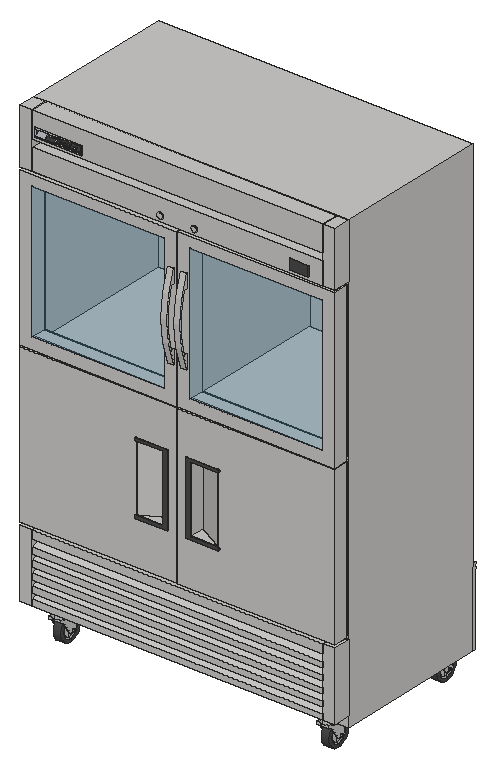
Revit family "QF_TRUE_TS-49-2-G-2-HC~FGD01", category Specialty Equipment, Revit 2015
Parameters
  Weight in Pounds = 515
  Watts = Volts * FL Amps  # 621 W
  Volts = 115 V
  URL Cutsheet = "www.truemfg.com"
  URL = "www.truemfg.com"
  Specification by User = ""
  Specification by Manufacturer = ""
  Show Clearance [instance] = yes
  Show 6 Inches Seismic Flanged Legs [instance] = no
  Show Logo [instance] = yes
  Serial Number = ""
  Seismic Rating = ""
  SMACNA No = ""
  Revision Code = ""
  Phase = 1
  Overall Height [instance] = Body Height + Base Height  # 83 3/8"
  Number of Poles = 1
  NAFEM Spec ID Number = ""
  Model = "TS-49-2-G-2-HC~FGD01"
  Min Ckt Ampacity = 0 A
  Max Overcurrent Protection = 0 A
  Masterspec = ""
  Manufacturer = "TRUE"
  Length = 54 5/32"
  Item Number = ""
  Installed By = ""
  Identify Quantity as Lot = yes
  Height = 83 3/8"
  HP = "1/2"
  Furnished By = ""
  Foodservice Equipment Identifier = yes
  FL Amps = 5.4 A
  Electrical Remarks = ""
  Electric Connection Type = ""
  Elec Conn RI Height = 0"
  Elec Conn Connection Height = 0"
  Description = "REACH-IN COMBINATION HAFT SWING DOOR REFRIGERATOR WITH HYDROCARBON REFRIGERANT~FRAMED GLASS DOOR VERSION 01"
  Depth = 29 13/16"
  Cycle = 60 Hz
  Conn Plug = "NEMA 5-15P"
  Conn Conduit = yes
  CSI MasterFormat = ""
  Body Height = 78 5/16"
  Base Height [instance] = if(Show 6 Inches Standard Legs, 6", if(Show 6 Inches Seismic Flanged Legs, 6", if(Show 2.5 Inches Castors, 2 1/2", if(Show 2.5 Inches Standard Legs, 2 1/2", 5 1/16"))))  # 5 1/16"
  Apparent Power = 0 VA
  Show 6 Inches Standard Legs [instance] = no
  Show 5 Inches Castors [instance] = if(or(Show 6 Inches Standard Legs, Show 6 Inches Seismic Flanged Legs), or(or(Show 2.5 Inches Castors, Show 2.5 Inches Standard Legs), and(Show 6 Inches Standard Legs, Show 6 Inches Seismic Flanged Legs)), if(Show 2.5 Inches Castors, Show 2.5 Inches Standard Legs, not(Show 2.5 Inches Standard Legs)))  # yes
  Show 2.5 Inches Standard Legs [instance] = no
  Show 2.5 Inches Castors [instance] = no
Reference planes (in)
  plane 1 "BACK": y = 0
  plane 2: z = 0
  plane 3 "LEFT": x = 0
  plane 4 "RIGHT": x = 54.15625
  plane 5 "FRONT": y = -29.8125
  plane 6 "TOP": z = 83.375
  plane 7 "Center Y": x = 27.07813
  plane 8 "Center X": y = -14.90625
  plane 9: z = 5.0625
Dimensions and locks (in)
  equal spacing: plane 3 "LEFT", plane 7 "Center Y", plane 4 "RIGHT"
  "Length": plane 3 "LEFT" to plane 4 "RIGHT"
  equal spacing: plane 5 "FRONT", plane 8 "Center X", plane 1 "BACK"
  "Depth": plane 5 "FRONT" to plane 1 "BACK"
  "Overall Height": plane 6 "TOP" to level
  plane 3 "LEFT" to plane 4 "RIGHT" = 54 5/32"
  nested 5 to plane 1 "BACK" = 1/2"
  nested 5 to nested 5 = 1 17/32"
  nested 5 to nested 5 = 31 27/32"
  "Base Height": plane 9 to level
  "Body Height": nested 5 to plane 9
  plane 1 "BACK" to nested 5 = 55 1/4"
  aligned and locked: level to plane 2
  aligned and locked: nested 5 to plane 9
Nested families (in)
  nested 1: "Caster-Legs" at (4, -2.625, 0), Show 5" Casters <- "Show 5 Inches Castors", Show 2.5 Standard Legs <- "Show 2.5 Inches Standard Legs", Show 6 Inches Legs <- "Show 6 Inches Standard Legs", Show 2.5 Casters <- "Show 2.5 Inches Castors", Show Siesmic Flanged <- "Show 6 Inches Seismic Flanged Legs", type "Caster-Legs"
    with Type Mark "", Status "", Specification by User "", Show Siesmic Flanged no, Show 6" Casters no, Show 6 Inches Legs no, Show 5" Casters yes, Show 4" Casters no, Show 2.5 Standard Legs no, Show 2.5 Casters no, Revision Code "", Low Profile no, Item Number "", Installed By "", Identify Quantity as Lot yes, Furnished By "", Foodservice Equipment Identifier yes
  nested 2: "Caster-Legs" at (4, -25.875, 0), Show 5" Casters <- "Show 5 Inches Castors", Show 2.5 Standard Legs <- "Show 2.5 Inches Standard Legs", Show 6 Inches Legs <- "Show 6 Inches Standard Legs", Show 2.5 Casters <- "Show 2.5 Inches Castors", Show Siesmic Flanged <- "Show 6 Inches Seismic Flanged Legs", type "Caster-Legs"
    with Type Mark "", Status "", Specification by User "", Show Siesmic Flanged no, Show 6" Casters no, Show 6 Inches Legs no, Show 5" Casters yes, Show 4" Casters no, Show 2.5 Standard Legs no, Show 2.5 Casters no, Revision Code "", Low Profile no, Item Number "", Installed By "", Identify Quantity as Lot yes, Furnished By "", Foodservice Equipment Identifier yes
  nested 3: "Caster-Legs" at (50.15625, -2.625, 0), Show 5" Casters <- "Show 5 Inches Castors", Show 2.5 Standard Legs <- "Show 2.5 Inches Standard Legs", Show 6 Inches Legs <- "Show 6 Inches Standard Legs", Show 2.5 Casters <- "Show 2.5 Inches Castors", Show Siesmic Flanged <- "Show 6 Inches Seismic Flanged Legs", type "Caster-Legs"
    with Type Mark "", Status "", Specification by User "", Show Siesmic Flanged no, Show 6" Casters no, Show 6 Inches Legs no, Show 5" Casters yes, Show 4" Casters no, Show 2.5 Standard Legs no, Show 2.5 Casters no, Revision Code "", Low Profile no, Item Number "", Installed By "", Identify Quantity as Lot yes, Furnished By "", Foodservice Equipment Identifier yes
  nested 4: "Caster-Legs" at (50.15625, -25.875, 0), Show 5" Casters <- "Show 5 Inches Castors", Show 2.5 Standard Legs <- "Show 2.5 Inches Standard Legs", Show 6 Inches Legs <- "Show 6 Inches Standard Legs", Show 2.5 Casters <- "Show 2.5 Inches Castors", Show Siesmic Flanged <- "Show 6 Inches Seismic Flanged Legs", type "Caster-Legs"
    with Type Mark "", Status "", Specification by User "", Show Siesmic Flanged no, Show 6" Casters no, Show 6 Inches Legs no, Show 5" Casters yes, Show 4" Casters no, Show 2.5 Standard Legs no, Show 2.5 Casters no, Revision Code "", Low Profile no, Item Number "", Installed By "", Identify Quantity as Lot yes, Furnished By "", Foodservice Equipment Identifier yes
  nested 5: "TS-49-2-G-2-HC-FGD01" at (0, 0, 0), Show Clearance <- "Show Clearance", Show Logo <- "Show Logo", type "TS-49-2-G-2-HC-FGD01"
    with Show Logo yes, Material and Finishes QF_Metal - Stainless - Polished
Connectors (in)
  electrical at (27.07812, 0.5, 12.75), driven by "Volts", driven by "Watts"
    settings: on nested 5, index 1, voltage 115 V, apparent load 621 VA, apparent load phase1 0 VA, apparent load phase2 0 VA, apparent load phase3 0 VA, power factor 1, load classification "Other", number of poles 1, system type 30, power factor state 1, is connector primary yes, connector utility no, sub classification motor no, connector description "ELECTRICAL CONNECTION"
Definition of nested family "Caster-Legs"
  Parameters (values of type "Caster-Legs")
    Weight = ""
    URL Manufacturer = ""
    URL Cutsheet = ""
    URL = ""
    Type Mark [instance] = ""
    Status [instance] = ""
    Specification by User [instance] = ""
    Specification by Manufacturer = ""
    Show Siesmic Flanged [instance] = yes
    Show 6 Inches Legs [instance] = yes
    Show 6" Casters [instance] = yes
    Show 5" Casters [instance] = yes
    Show 4" Casters [instance] = yes
    Show 2.5 Standard Legs [instance] = yes
    Show 2.5 Casters [instance] = yes
    Serial Number = ""
    Seismic Rating = ""
    SMACNA No = ""
    Revision Code [instance] = ""
    Omniclass Number and Title = ""
    NAFEM Spec ID Number = ""
    Model = ""
    MasterSpec. = ""
    Manufacturer = ""
    Low Profile [instance] = yes
    Item Number [instance] = ""
    Installed By [instance] = ""
    Identify Quantity as Lot [instance] = yes
    Furnished By [instance] = ""
    Foodservice Equipment Identifier [instance] = yes
    Description = ""
    CSI MasterFormat = ""
    CSI Master Format = ""
    Assembly Code = ""
  Reference planes (in)
    plane 1: z = 0
    plane 2 "RIGHT": x = 0
    plane 3 "FRONT": y = 0
    plane 4 "TOP": z = 6
    plane 5: z = 2.125
    plane 6: z = 2.5
    plane 7: z = 6.25
  Forms (in)
    Revolve 1, solid, visible <- "Show 6 Inches Legs"
      sketch origin (11.12172, 0, 0) x (-1, 0, 0) y (0, 0, -1)
        loop
          line (11.12172, -6) -> (11.12172, 0) -> (10.62172, 0) -> (10.62172, -1.30261) -> (10.37172, -1.30261) -> (10.37172, -6) -> (11.12172, -6)
        axis (11.12172, 0) -> (11.12172, -6)
      angle from 0 to 360
    Extrusion 2, solid, visible <- "Show Siesmic Flanged"
      sketch origin (0, 0, 0) x (1, 0, 0) y (0, 1, 0)
        loop
          circle (-0.00825, 0) r 1
      from 0 to 0.125
    Revolve 3, solid, visible <- "Show Siesmic Flanged"
      sketch origin (11.12172, 0, 0) x (-1, 0, 0) y (0, 0, -1)
        loop
          line (11.12172, -6) -> (11.12172, -0.125) -> (10.62172, -0.125) -> (10.62172, -1.30261) -> (10.37172, -1.30261) -> (10.37172, -6) -> (11.12172, -6)
        axis (11.12172, -0.125) -> (11.12172, -6)
      angle from 0 to 360
    Revolve 4, solid, visible <- "Show 2.5 Standard Legs"
      sketch origin (11.12172, 0, 0) x (-1, 0, 0) y (0, 0, -1)
        loop
          line (11.12172, -2.5) -> (11.12172, 0) -> (10.62172, 0) -> (10.62172, -0.75) -> (10.37172, -0.75) -> (10.37172, -2.5) -> (11.12172, -2.5)
        axis (11.12172, 0) -> (11.12172, -2.5)
      angle from 0 to 360
  Dimensions and locks (in)
    plane 4 "TOP" to level = 6"  (x2)
    locked: Revolve 1 sketch curve to Revolve 1 sketch curve at 1.30261
    locked: Revolve 1 sketch curve to Revolve 1 sketch curve at 0.75
    nested 1 to level = 5"
    plane 6 to plane 1 = 2 1/2"
    plane 5 to plane 1 = 2 1/8"
    plane 7 to plane 1 = 6 1/4"
    locked: Revolve 3 sketch curve to Revolve 3 sketch curve at 0.75
    aligned and locked: level to plane 1
  Nested families (in)
    nested 1: "PITCO_5 INCHES CASTER" at (0, 0, 0), Show Casters <- "Show 5" Casters", type "PITCO_5 INCHES CASTER"
      with Type Mark "", Status "", Specification by User "", Show Casters yes, Revision Code "", Item Number "", Installed By "", Identify Quantity as Lot yes, Furnished By "", Foodservice Equipment Identifier yes
    nested 2: "2.13" at (0, 0, 0), 2.5 Inches Caster <- "Low Profile", type "2.13"
      with Type Mark "", Status "", Specification by User "", Revision Code "", Item Number "", Installed By "", Identify Quantity as Lot yes, Furnished By "", Foodservice Equipment Identifier yes, 2.5 Inches Caster yes
    nested 3: "C4" at (0, 0, 0), Show 4 Inches Casters <- "Show 4" Casters", type "C4"
      with Type Mark "", Specification by User "", Show 4 Inches Casters yes, Revision Code "", Item Number "", Installed By "", Identify Quantity as Lot yes, Furnished By "", Foodservice Equipment Identifier yes
    nested 4: "6 Inches Leg & Caster" at (0, 0, 0), Show Casters <- "Show 6" Casters", type "6 Inches Leg & Caster"
      with Type Mark "", Status "", Specification by User "", Show Casters yes, Revision Code "", Item Number "", Installed By "", Identify Quantity as Lot yes, Furnished By "", Foodservice Equipment Identifier yes
    nested 5: "C2.5" at (0, -0.86941, 0), 2.5 Inches Caster <- "Show 2.5 Casters", type "C2.5"
      with Type Mark "", Status "", Specification by User "", Revision Code "", Item Number "", Installed By "", Identify Quantity as Lot yes, Furnished By "", Foodservice Equipment Identifier yes, 2.5 Inches Caster yes
  Definition of nested family "PITCO_5 INCHES CASTER"
    Parameters (values of type "PITCO_5 INCHES CASTER")
      Weight = ""
      URL Manufacturer = ""
      URL Cutsheet = ""
      URL = ""
      Type Mark [instance] = ""
      Status [instance] = ""
      Specification by User [instance] = ""
      Specification by Manufacturer = ""
      Show Casters [instance] = yes
      Rubber = none
      Chrome = none
      Serial Number = ""
      Seismic Rating = ""
      SMACNA No = ""
      Revision Code [instance] = ""
      Omniclass Number and Title = ""
      NAFEM Spec ID Number = ""
      Model = ""
      MasterSpec. = ""
      Manufacturer = ""
      Item Number [instance] = ""
      Installed By [instance] = ""
      Identify Quantity as Lot [instance] = yes
      Furnished By [instance] = ""
      Foodservice Equipment Identifier [instance] = yes
      Description = ""
      CSI MasterFormat = ""
      CSI Master Format = ""
      Assembly Code = ""
    Reference planes (in)
      plane 1: z = 0
      plane 2 "RIGHT": x = 0
      plane 3 "FRONT": y = 0
      plane 4 "TOP": z = 5
      plane 5: z = 5.0625
    Forms (in)
      Revolve 1, solid, visible <- "Show Casters"
        sketch origin (-180, 1.0625, -34.67466) x (0, 0, -1) y (-1, 0, 0)
          loop
            line (-34.67466, -180.64009) -> (-34.67466, -179.35991) -> (-35.17466, -179.35991) -> (-35.17466, -179.48491) -> (-35.42466, -179.48491) -> (-35.42466, -179.64009) -> (-36.48519, -179.60306) -> (-36.48519, -178.85852) -> (-36.5316, -178.85852) -> (-36.5316, -178.71719) -> (-36.70591, -178.71719) -> (-36.70591, -181.28281) -> (-36.5316, -181.28281) -> (-36.5316, -181.14148) -> (-36.48519, -181.14148) -> (-36.48519, -180.39694) -> (-35.42466, -180.35991) -> (-35.42466, -180.51509) -> (-35.17466, -180.51509) -> (-35.17466, -180.64009) -> (-34.67466, -180.64009)
          axis (-36.70591, -181.28281) -> (-36.70591, -178.71719)
        angle from 0 to 360
      Extrusion 2, solid, visible <- "Show Casters"
        sketch origin (0, 0, -1.11142) x (0, -1, 0) y (1, 0, 0)
          loop
            circle (0, 0) r 1.5
        from 5.61142 to 6.17392
      Extrusion 3, solid, visible <- "Show Casters"
        sketch origin (0, 0, 0.289) x (0, -1, 0) y (0, 0, 1)
          loop
            arc (0.91808, 3.59427) -> (1.13645, 3.7909) -> (1.42156, 3.86198) r 0.60732
            line (1.42156, 3.86198) -> (1.46208, 3.86198) -> (1.43155, 4.211) -> (-1.43155, 4.211)
            arc (-1.43155, 4.211) -> (-1.62474, 4.13098) -> (-1.70476, 3.93778) r 0.27322
            line (-1.70476, 3.93778) -> (-1.70476, 3.78861) -> (-1.76351, 2.11371) -> (-1.82446, 1.68005)
            arc (-1.82446, 1.68005) -> (-1.73191, 1.41127) -> (-1.46007, 1.32816) r 0.31307
            line (-1.46007, 1.32816) -> (-0.60834, 1.47835)
            arc (-0.60834, 1.47835) -> (-0.50841, 1.51771) -> (-0.43181, 1.59299) r 0.26936
            line (-0.43181, 1.59299) -> (0.91808, 3.59427)
        from 0.84601 to 1.05998
      Extrusion 4, solid, visible <- "Show Casters"
        sketch origin (0, 0, -0.82242) x (0, -1, 0) y (0, 0, -1)
          loop
            line (1.43155, -5.32242) -> (1.46208, -4.9734) -> (1.42156, -4.9734)
            arc (1.42156, -4.9734) -> (1.13645, -4.90232) -> (0.91808, -4.70569) r 0.60732
            line (0.91808, -4.70569) -> (-0.43181, -2.70441)
            arc (-0.43181, -2.70441) -> (-0.50841, -2.62913) -> (-0.60834, -2.58977) r 0.26936
            line (-0.60834, -2.58977) -> (-1.46007, -2.43958)
            arc (-1.46007, -2.43958) -> (-1.73191, -2.52269) -> (-1.82446, -2.79147) r 0.31307
            line (-1.82446, -2.79147) -> (-1.76351, -3.22513) -> (-1.70476, -4.90003) -> (-1.70476, -5.0492)
            arc (-1.70476, -5.0492) -> (-1.62474, -5.2424) -> (-1.43155, -5.32242) r 0.27322
            line (-1.43155, -5.32242) -> (1.43155, -5.32242)
        from 0.84601 to 1.05998
      Extrusion 5, solid, visible <- "Show Casters"
        sketch origin (-0.84601, 0, 0.289) x (0, 1, 0) y (0, 0, 1)
          loop
            line (1.43155, 4.211) -> (-1.43155, 4.211) -> (-1.46208, 3.86198) -> (-1.42156, 3.86198)
            arc (-1.42156, 3.86198) -> (-1.13645, 3.7909) -> (-0.91808, 3.59427) r 0.60732
            arc (-0.91808, 3.59427) -> (0.37927, 3.88135) -> (1.70476, 3.78861) r 4.63574
            line (1.70476, 3.78861) -> (1.70476, 3.93778)
            arc (1.70476, 3.93778) -> (1.62474, 4.13098) -> (1.43155, 4.211) r 0.27322
        from 0 to 1.69203
    Cuts and joins
      joined: Extrusion 3, Extrusion 4, Extrusion 5
    Lines and regions (in)
      symbolic lines, visible <- "Show Casters"
        curve 1: line (0.70901, 2.6399, 0) -> (1.79507, 2.01286, 0)
        curve 2: line (-1.79099, -1.69023, 0) -> (0.70901, 2.6399, 0)
        curve 3: line (-0.70493, -2.31727, 0) -> (-1.79099, -1.69023, 0)
        curve 4: line (1.79507, 2.01286, 0) -> (-0.70493, -2.31727, 0)
    Dimensions and locks (in)
      plane 4 "TOP" to level = 5"  (x2)
      plane 5 to level = 5 1/16"
      aligned and locked: level to plane 1
  Definition of nested family "2.13"
    Parameters
      Weight = ""
      URL Manufacturer = ""
      URL Cutsheet = ""
      URL = ""
      Type Mark [instance] = ""
      Status [instance] = ""
      Specification by User [instance] = ""
      Specification by Manufacturer = ""
      Serial Number = ""
      Seismic Rating = ""
      SMACNA No = ""
      Revision Code [instance] = ""
      Omniclass Number and Title = ""
      NAFEM Spec ID Number = ""
      Model = ""
      MasterSpec. = ""
      Manufacturer = ""
      Item Number [instance] = ""
      Installed By [instance] = ""
      Identify Quantity as Lot [instance] = yes
      Furnished By [instance] = ""
      Foodservice Equipment Identifier [instance] = yes
      Description = ""
      CSI MasterFormat = ""
      CSI Master Format = ""
      Assembly Code = ""
      2.5 Inches Caster [instance] = yes
    Reference planes (in)
      plane 1: z = 0
      plane 2 "RIGHT": x = 0
      plane 3 "FRONT": y = 0
      plane 4 "TOP": z = 2.125
    Forms (in)
      Revolve 1, solid, visible <- "2.5 Inches Caster"
        sketch origin (-1.93794, 0.83816, -1.0041) x (1, 0, 0) y (0, 0, 1)
          loop
            line (0.74055, 1.76972) -> (0.74055, 1.69422) -> (0.79055, 1.64422) -> (0.85055, 1.64422) -> (0.85055, 1.52415) -> (1.235, 1.52415) -> (1.235, 1.4568) -> (1.38673, 1.3692) -> (1.4003, 1.28535) -> (1.34375, 1.28535) -> (1.34375, 1.16035) -> (1.375, 1.16035) -> (1.375, 1.0041) -> (1.87544, 1.0041) -> (1.87544, 1.52415) -> (2.00044, 1.52415) -> (2.00044, 1.0041) -> (2.48438, 1.0041) -> (2.48438, 1.16035) -> (2.51563, 1.16035) -> (2.51563, 1.28535) -> (2.45908, 1.28535) -> (2.47322, 1.37272) -> (2.62438, 1.45999) -> (2.62438, 1.52415) -> (3.04007, 1.52415) -> (3.04007, 1.64422) -> (3.10007, 1.64422) -> (3.15007, 1.69422) -> (3.15007, 1.76972) -> (0.74055, 1.76972)
          axis (0.74055, 1.76972) -> (3.15007, 1.76972)
        angle from 0 to 360
      Extrusion 2, solid, visible <- "2.5 Inches Caster"
        sketch origin (-1.93794, 1.80294, -3.6291) x (0, 1, 0) y (0, 0, 1)
          loop
            line (-0.64294, 5.43229) -> (-0.64294, 5.55298) -> (-2.21294, 5.55298) -> (-2.21294, 5.30272) -> (-1.81966, 5.30272)
            arc (-1.81966, 5.30272) -> (-1.13638, 5.20789) -> (-0.46376, 5.05475) r 8.02767
            arc (-0.46376, 5.05475) -> (-0.19511, 4.95469) -> (0.05138, 4.80832) r 1.60049
            line (0.05138, 4.80832) -> (0.12713, 4.91318)
            arc (0.12713, 4.91318) -> (-0.07255, 5.06376) -> (-0.29048, 5.18644) r 1.8753
            line (-0.29048, 5.18644) -> (-0.22239, 5.30423)
            arc (-0.22239, 5.30423) -> (-0.42776, 5.38437) -> (-0.64294, 5.43229) r 1.44292
        from 1.17357 to 2.70231
      Revolve 3, solid, visible <- "2.5 Inches Caster"
        sketch origin (0, 2.10856, -4.125) x (0, 1, 0) y (0, 0, 1)
          loop
            line (-1.73858, 6.25) -> (-1.73858, 6.04889) -> (-1.05793, 6.04889) -> (-1.05793, 6.25) -> (-1.73858, 6.25)
          axis (-1.73858, 6.04889) -> (-1.73858, 6.25)
        angle from 0 to 360
      Extrusion 4, solid, visible <- "2.5 Inches Caster"
        sketch origin (-1.98481, 1.80294, -2.1291) x (0, 1, 0) y (0, 0, 1)
          loop
            line (-2.21294, 4.05298) -> (-2.21294, 3.80272) -> (-2.13999, 3.80272)
            arc (-2.13999, 3.80272) -> (-1.62379, 3.51899) -> (-1.39241, 2.97729) r 0.90292
            arc (-1.39241, 2.97729) -> (-1.36136, 2.78161) -> (-1.29729, 2.59413) r 1.15385
            arc (-1.29729, 2.59413) -> (-0.94802, 2.37355) -> (-0.6121, 2.61396) r 0.37001
            arc (-0.6121, 2.61396) -> (-0.59625, 2.66241) -> (-0.58446, 2.712) r 0.61695
            arc (-0.58446, 2.712) -> (-0.36134, 3.11665) -> (0.05609, 3.31484) r 0.75313
            line (0.05609, 3.31484) -> (0.12713, 3.41318)
            arc (0.12713, 3.41318) -> (-0.07255, 3.56376) -> (-0.29048, 3.68644) r 1.8753
            line (-0.29048, 3.68644) -> (-0.22239, 3.80423)
            arc (-0.22239, 3.80423) -> (-0.42776, 3.88437) -> (-0.64294, 3.93229) r 1.44292
            line (-0.64294, 3.93229) -> (-0.64294, 4.05298) -> (-2.21294, 4.05298)
        from 2.74918 to 2.90825
      Extrusion 5, solid, visible <- "2.5 Inches Caster"
        sketch origin (1.98481, 1.80294, -2.1291) x (0, 1, 0) y (0, 0, -1)
          loop
            line (-2.21294, -4.05298) -> (-0.64294, -4.05298) -> (-0.64294, -3.93229)
            arc (-0.64294, -3.93229) -> (-0.42776, -3.88437) -> (-0.22239, -3.80423) r 1.44292
            line (-0.22239, -3.80423) -> (-0.29048, -3.68644)
            arc (-0.29048, -3.68644) -> (-0.07255, -3.56376) -> (0.12713, -3.41318) r 1.8753
            line (0.12713, -3.41318) -> (0.05609, -3.31484)
            arc (0.05609, -3.31484) -> (-0.36134, -3.11665) -> (-0.58446, -2.712) r 0.75313
            arc (-0.58446, -2.712) -> (-0.59625, -2.66241) -> (-0.6121, -2.61396) r 0.61695
            arc (-0.6121, -2.61396) -> (-0.94802, -2.37355) -> (-1.29729, -2.59413) r 0.37001
            arc (-1.29729, -2.59413) -> (-1.36136, -2.78161) -> (-1.39241, -2.97729) r 1.15385
            arc (-1.39241, -2.97729) -> (-1.62379, -3.51899) -> (-2.13999, -3.80272) r 0.90292
            line (-2.13999, -3.80272) -> (-2.21294, -3.80272) -> (-2.21294, -4.05298)
        from 2.74918 to 2.90825
    Lines and regions (in)
      symbolic lines, visible <- "2.5 Inches Caster"
        curve 1: line (0.10651, 1.27186, 0) -> (0.80944, 0.86603, 0)
        curve 2: line (-0.89349, -0.46019, 0) -> (0.10651, 1.27186, 0)
        curve 3: line (-0.19056, -0.86603, 0) -> (-0.89349, -0.46019, 0)
        curve 4: line (0.80944, 0.86603, 0) -> (-0.19056, -0.86603, 0)
    Dimensions and locks (in)
      plane 4 "TOP" to level = 2 1/8"  (x2)
      aligned and locked: level to plane 1
  Definition of nested family "C4"
    Parameters
      Weight = ""
      URL Manufacturer = ""
      URL Cutsheet = ""
      URL = ""
      Type Mark [instance] = ""
      Specification by User [instance] = ""
      Specification by Manufacturer = ""
      Show 4 Inches Casters [instance] = yes
      Serial Number = ""
      Seismic Rating = ""
      SMACNA No = ""
      Revision Code [instance] = ""
      Omniclass Number and Title = ""
      NAFEM Spec ID Number = ""
      Model = ""
      MasterSpec. = ""
      Manufacturer = ""
      Item Number [instance] = ""
      Installed By [instance] = ""
      Identify Quantity as Lot [instance] = yes
      Furnished By [instance] = ""
      Foodservice Equipment Identifier [instance] = yes
      Description = ""
      CSI MasterFormat = ""
      CSI Master Format = ""
      Assembly Code = ""
    Reference planes (in)
      plane 1: z = 0
      plane 2 "RIGHT": x = 0
      plane 3 "FRONT": y = 0
      plane 4 "TOP": z = 4
    Forms (in)
      Revolve 1, solid, visible <- "Show 4 Inches Casters"
        sketch origin (-1.93794, 0.83816, -1.0041) x (1, 0, 0) y (0, 0, 1)
          loop
            line (0.74055, 2.5041) -> (3.15007, 2.5041) -> (3.15007, 2.5796) -> (3.10007, 2.6296) -> (3.04007, 2.6296) -> (3.04007, 2.74967) -> (2.62438, 2.74967) -> (2.62438, 2.93884) -> (2.48438, 3.01967) -> (2.45908, 3.17597) -> (2.51563, 3.17597) -> (2.51563, 3.41035) -> (2.48438, 3.41035) -> (2.48438, 4.0041) -> (1.375, 4.0041) -> (1.375, 3.41035) -> (1.34375, 3.41035) -> (1.34375, 3.17597) -> (1.4003, 3.17597) -> (1.37557, 3.02318) -> (1.235, 2.94202) -> (1.235, 2.74967) -> (0.85055, 2.74967) -> (0.85055, 2.6296) -> (0.79055, 2.6296) -> (0.74055, 2.5796) -> (0.74055, 2.5041)
          axis (0.74055, 2.5041) -> (3.15007, 2.5041)
        angle from 0 to 360
      Extrusion 2, solid, visible <- "Show 4 Inches Casters"
        sketch origin (-1.93794, 1.80294, -1.7541) x (0, 1, 0) y (0, 0, 1)
          loop
            line (-3.08794, 5.33423) -> (-3.08794, 5.00584) -> (-2.69466, 5.00584)
            arc (-2.69466, 5.00584) -> (-1.57175, 4.94895) -> (-0.46376, 4.75787) r 9.36411
            arc (-0.46376, 4.75787) -> (-0.05889, 4.58436) -> (0.28335, 4.30705) r 1.60049
            line (0.28335, 4.30705) -> (0.34449, 4.39437)
            arc (0.34449, 4.39437) -> (0.12713, 4.6163) -> (-0.1239, 4.79931) r 1.8753
            line (-0.1239, 4.79931) -> (-0.05749, 4.91421)
            arc (-0.05749, 4.91421) -> (-0.33807, 5.05694) -> (-0.64294, 5.13542) r 1.44292
            line (-0.64294, 5.13542) -> (-0.64294, 5.33423) -> (-3.08794, 5.33423)
        from 1.1267 to 2.74918
      Revolve 3, solid, visible <- "Show 4 Inches Casters"
        sketch origin (0, 2.15543, -2.25) x (0, 1, 0) y (0, 0, 1)
          loop
            line (-2.21793, 6.25) -> (-2.21793, 5.83014) -> (-1.05793, 5.83014) -> (-1.05793, 6.25) -> (-2.21793, 6.25)
          axis (-2.21793, 5.83014) -> (-2.21793, 6.25)
        angle from 0 to 360
      Extrusion 4, solid, visible <- "Show 4 Inches Casters"
        sketch origin (-1.93794, 1.80294, -1.7541) x (0, 1, 0) y (0, 0, 1)
          loop
            line (-3.08794, 5.33423) -> (-3.08794, 5.00584) -> (-2.8913, 5.00584)
            arc (-2.8913, 5.00584) -> (-2.09118, 4.14057) -> (-1.45681, 3.14736) r 6.63355
            arc (-1.45681, 3.14736) -> (-0.85703, 2.75969) -> (-0.4561, 3.35069) r 0.5107
            arc (-0.4561, 3.35069) -> (-0.27092, 3.92503) -> (0.24034, 4.24562) r 0.88136
            line (0.24034, 4.24562) -> (0.34449, 4.39437)
            arc (0.34449, 4.39437) -> (0.12713, 4.6163) -> (-0.1239, 4.79931) r 1.8753
            line (-0.1239, 4.79931) -> (-0.05749, 4.91421)
            arc (-0.05749, 4.91421) -> (-0.33807, 5.05694) -> (-0.64294, 5.13542) r 1.44292
            line (-0.64294, 5.13542) -> (-0.64294, 5.33423) -> (-3.08794, 5.33423)
        from 2.74918 to 2.90825
      Extrusion 5, solid, visible <- "Show 4 Inches Casters"
        sketch origin (1.93794, 1.80294, -1.7541) x (0, 1, 0) y (0, 0, -1)
          loop
            line (-3.08794, -5.33423) -> (-0.64294, -5.33423) -> (-0.64294, -5.13542)
            arc (-0.64294, -5.13542) -> (-0.33807, -5.05694) -> (-0.05749, -4.91421) r 1.44292
            line (-0.05749, -4.91421) -> (-0.1239, -4.79931)
            arc (-0.1239, -4.79931) -> (0.12713, -4.6163) -> (0.34449, -4.39437) r 1.8753
            line (0.34449, -4.39437) -> (0.24034, -4.24562)
            arc (0.24034, -4.24562) -> (-0.27092, -3.92503) -> (-0.4561, -3.35069) r 0.88136
            arc (-0.4561, -3.35069) -> (-0.85703, -2.75969) -> (-1.45681, -3.14736) r 0.5107
            arc (-1.45681, -3.14736) -> (-2.09118, -4.14057) -> (-2.8913, -5.00584) r 6.63355
            line (-2.8913, -5.00584) -> (-3.08794, -5.00584) -> (-3.08794, -5.33423)
        from 2.74918 to 2.90825
    Cuts and joins
      joined: Extrusion 2, Extrusion 4, Extrusion 5
    Lines and regions (in)
      symbolic lines, visible <- "Show 4 Inches Casters"
        curve 1: line (0.28481, 1.83041, 0) -> (1.24556, 1.27572, 0)
        curve 2: line (-1.26206, -0.84886, 0) -> (0.28481, 1.83041, 0)
        curve 3: line (-0.30132, -1.40355, 0) -> (-1.26206, -0.84886, 0)
        curve 4: line (1.24556, 1.27572, 0) -> (-0.30132, -1.40355, 0)
    Dimensions and locks (in)
      plane 4 "TOP" to level = 4"  (x2)
      aligned and locked: level to plane 1
  Definition of nested family "6 Inches Leg & Caster"
    Parameters
      Weight = ""
      URL Manufacturer = ""
      URL Cutsheet = ""
      URL = ""
      Type Mark [instance] = ""
      Status [instance] = ""
      Specification by User [instance] = ""
      Specification by Manufacturer = ""
      Show Casters [instance] = yes
      Serial Number = ""
      Seismic Rating = ""
      SMACNA No = ""
      Revision Code [instance] = ""
      Omniclass Number and Title = ""
      NAFEM Spec ID Number = ""
      Model = ""
      MasterSpec. = ""
      Manufacturer = ""
      Item Number [instance] = ""
      Installed By [instance] = ""
      Identify Quantity as Lot [instance] = yes
      Furnished By [instance] = ""
      Foodservice Equipment Identifier [instance] = yes
      Description = ""
      CSI MasterFormat = ""
      CSI Master Format = ""
    Reference planes (in)
      plane 1 "BACK": y = 0
      plane 2: z = 0
      plane 3 "LEFT": x = 0
      plane 4 "RIGHT": x = 0
      plane 5 "FRONT": y = 0
      plane 6 "TOP": z = 6.25
    Forms (in)
      Revolve 1, solid, visible <- "Show Casters"
        sketch origin (-2.21793, 0, -0.25) x (-1, 0, 0) y (0, 0, 1)
          loop
            line (-2.21793, 6) -> (-2.21793, 5.55584) -> (-0.93693, 5.55584) -> (-0.93693, 6) -> (-2.21793, 6)
          axis (-2.21793, 5.55584) -> (-2.21793, 6)
        angle from 0 to 360
      Extrusion 2, solid, visible <- "Show Casters"
        sketch origin (0.25594, 2.21793, -0.1875) x (0, 1, 0) y (0, 0, 1)
          loop
            line (-3.37793, 5.49334) -> (-3.37793, 5.24334) -> (-1.63015, 2.08504)
            arc (-1.63015, 2.08504) -> (-0.63555, 1.74359) -> (-0.1951, 2.69848) r 0.78437
            line (-0.1951, 2.69848) -> (-1.06726, 5.49334) -> (-3.37793, 5.49334)
        from 0.78968 to 0.90247
      Extrusion 3, solid, visible <- "Show Casters"
        sketch origin (0, 0, 5.75) x (0, 1, 0) y (-1, 0, 0)
          loop
            circle (0, 0) r 0.75
        from 0 to 0.5
      Extrusion 4, solid, visible <- "Show Casters"
        sketch origin (-0.25594, 2.21793, -0.1875) x (0, 1, 0) y (0, 0, -1)
          loop
            line (-3.37793, -5.49334) -> (-1.06726, -5.49334) -> (-0.1951, -2.69848)
            arc (-0.1951, -2.69848) -> (-0.63555, -1.74359) -> (-1.63015, -2.08504) r 0.78437
            line (-1.63015, -2.08504) -> (-3.37793, -5.24334) -> (-3.37793, -5.49334)
        from 0.78968 to 0.90247
      Extrusion 5, solid, visible <- "Show Casters"
        sketch origin (0, 0, 0.75) x (0, 1, 0) y (0, 0, 1)
          loop
            line (-1.16, 4.55584) -> (-1.16, 4.30584) -> (1.15067, 4.30584) -> (1.15067, 4.55584) -> (-1.16, 4.55584)
        from -1.04562 to 1.04562
      Revolve 6, solid, visible <- "Show Casters"
        sketch origin (-1.9375, 1.23015, -0.12802) x (1, 0, 0) y (0, 0, 1)
          loop
            line (0.5843, 2.5041) -> (0.5843, 2.3661) -> (0.6343, 2.3161) -> (0.6943, 2.3161) -> (0.6943, 2.1804) -> (1.1725, 2.1804) -> (1.1725, 1.78493) -> (1.31307, 1.70377) -> (1.42647, 1.00302) -> (1.28125, 1.00302) -> (1.28125, 0.75302) -> (1.3125, 0.75302) -> (1.3125, 0.50302)
            arc (1.3125, 0.50302) -> (1.42233, 0.23785) -> (1.6875, 0.12802) r 0.375
            line (1.6875, 0.12802) -> (2.1875, 0.12802)
            arc (2.1875, 0.12802) -> (2.45267, 0.23785) -> (2.5625, 0.50302) r 0.375
            line (2.5625, 0.50302) -> (2.5625, 0.75302) -> (2.59375, 0.75302) -> (2.59375, 1.00302) -> (2.44853, 1.00302) -> (2.5625, 1.70728) -> (2.7025, 1.78811) -> (2.7025, 2.1804) -> (3.1807, 2.1804) -> (3.1807, 2.3161) -> (3.2407, 2.3161) -> (3.2907, 2.3661) -> (3.2907, 2.5041) -> (0.5843, 2.5041)
          axis (0.5843, 2.5041) -> (3.2907, 2.5041)
        angle from 0 to 360
    Cuts and joins
      joined: Extrusion 2, Extrusion 4, Extrusion 5
    Lines and regions (in)
      symbolic lines, visible <- "Show Casters"
        curve 1: line (0.46086, 2.04455, 0) -> (1.54339, 1.41955, 0)
        curve 2: line (-1.53914, -1.41955, 0) -> (0.46086, 2.04455, 0)
        curve 3: line (-0.45661, -2.04455, 0) -> (-1.53914, -1.41955, 0)
        curve 4: line (1.54339, 1.41955, 0) -> (-0.45661, -2.04455, 0)
    Dimensions and locks (in)
      plane 6 "TOP" to level = 6 1/4"  (x2)
      aligned and locked: level to plane 2
  Definition of nested family "C2.5"
    Parameters
      Weight = ""
      URL Manufacturer = ""
      URL Cutsheet = ""
      URL = ""
      Type Mark [instance] = ""
      Status [instance] = ""
      Specification by User [instance] = ""
      Specification by Manufacturer = ""
      Serial Number = ""
      Seismic Rating = ""
      SMACNA No = ""
      Revision Code [instance] = ""
      Omniclass Number and Title = ""
      NAFEM Spec ID Number = ""
      Model = ""
      MasterSpec. = ""
      Manufacturer = ""
      Item Number [instance] = ""
      Installed By [instance] = ""
      Identify Quantity as Lot [instance] = yes
      Furnished By [instance] = ""
      Foodservice Equipment Identifier [instance] = yes
      Description = ""
      CSI MasterFormat = ""
      CSI Master Format = ""
      Assembly Code = ""
      2.5 Inches Caster [instance] = yes
    Reference planes (in)
      plane 1: z = 0
      plane 2 "RIGHT": x = 0
      plane 3 "FRONT": y = 0
      plane 4 "TOP": z = 2.5
    Forms (in)
      Revolve 1, solid, visible <- "2.5 Inches Caster"
        sketch origin (-1.93794, 0.83816, -1.0041) x (1, 0, 0) y (0, 0, 1)
          loop
            line (0.74055, 1.92597) -> (0.74055, 1.85047) -> (0.79055, 1.80047) -> (0.85055, 1.80047) -> (0.85055, 1.6804) -> (1.235, 1.6804) -> (1.235, 1.61305) -> (1.38673, 1.52545) -> (1.4003, 1.4416) -> (1.34375, 1.4416) -> (1.34375, 1.3166) -> (1.375, 1.3166) -> (1.375, 1.0041) -> (2.48438, 1.0041) -> (2.48438, 1.3166) -> (2.51563, 1.3166) -> (2.51563, 1.4416) -> (2.45908, 1.4416) -> (2.47322, 1.52897) -> (2.62438, 1.61624) -> (2.62438, 1.6804) -> (3.04007, 1.6804) -> (3.04007, 1.80047) -> (3.10007, 1.80047) -> (3.15007, 1.85047) -> (3.15007, 1.92597) -> (0.74055, 1.92597)
          axis (0.74055, 1.92597) -> (3.15007, 1.92597)
        angle from 0 to 360
      Extrusion 2, solid, visible <- "2.5 Inches Caster"
        sketch origin (-1.93794, 1.80294, -3.2541) x (0, 1, 0) y (0, 0, 1)
          loop
            line (-0.64294, 5.43229) -> (-0.64294, 5.55298) -> (-2.21294, 5.55298) -> (-2.21294, 5.30272) -> (-1.81966, 5.30272)
            arc (-1.81966, 5.30272) -> (-1.13638, 5.20789) -> (-0.46376, 5.05475) r 8.02767
            arc (-0.46376, 5.05475) -> (-0.19511, 4.95469) -> (0.05138, 4.80832) r 1.60049
            line (0.05138, 4.80832) -> (0.12713, 4.91318)
            arc (0.12713, 4.91318) -> (-0.07255, 5.06376) -> (-0.29048, 5.18644) r 1.8753
            line (-0.29048, 5.18644) -> (-0.22239, 5.30423)
            arc (-0.22239, 5.30423) -> (-0.42776, 5.38437) -> (-0.64294, 5.43229) r 1.44292
        from 1.17357 to 2.70231
      Revolve 3, solid, visible <- "2.5 Inches Caster"
        sketch origin (0, 2.10856, -3.75) x (0, 1, 0) y (0, 0, 1)
          loop
            line (-1.73858, 6.25) -> (-1.73858, 6.04889) -> (-1.05793, 6.04889) -> (-1.05793, 6.25) -> (-1.73858, 6.25)
          axis (-1.73858, 6.04889) -> (-1.73858, 6.25)
        angle from 0 to 360
      Extrusion 4, solid, visible <- "2.5 Inches Caster"
        sketch origin (-1.98481, 1.80294, -1.7541) x (0, 1, 0) y (0, 0, 1)
          loop
            line (-2.21294, 4.05298) -> (-2.21294, 3.80272) -> (-2.13999, 3.80272)
            arc (-2.13999, 3.80272) -> (-1.62379, 3.51899) -> (-1.39241, 2.97729) r 0.90292
            arc (-1.39241, 2.97729) -> (-1.36136, 2.78161) -> (-1.29729, 2.59413) r 1.15385
            arc (-1.29729, 2.59413) -> (-0.94802, 2.37355) -> (-0.6121, 2.61396) r 0.37001
            arc (-0.6121, 2.61396) -> (-0.59625, 2.66241) -> (-0.58446, 2.712) r 0.61695
            arc (-0.58446, 2.712) -> (-0.36134, 3.11665) -> (0.05609, 3.31484) r 0.75313
            line (0.05609, 3.31484) -> (0.12713, 3.41318)
            arc (0.12713, 3.41318) -> (-0.07255, 3.56376) -> (-0.29048, 3.68644) r 1.8753
            line (-0.29048, 3.68644) -> (-0.22239, 3.80423)
            arc (-0.22239, 3.80423) -> (-0.42776, 3.88437) -> (-0.64294, 3.93229) r 1.44292
            line (-0.64294, 3.93229) -> (-0.64294, 4.05298) -> (-2.21294, 4.05298)
        from 2.74918 to 2.90825
      Extrusion 5, solid, visible <- "2.5 Inches Caster"
        sketch origin (1.98481, 1.80294, -1.7541) x (0, 1, 0) y (0, 0, -1)
          loop
            line (-2.21294, -4.05298) -> (-0.64294, -4.05298) -> (-0.64294, -3.93229)
            arc (-0.64294, -3.93229) -> (-0.42776, -3.88437) -> (-0.22239, -3.80423) r 1.44292
            line (-0.22239, -3.80423) -> (-0.29048, -3.68644)
            arc (-0.29048, -3.68644) -> (-0.07255, -3.56376) -> (0.12713, -3.41318) r 1.8753
            line (0.12713, -3.41318) -> (0.05609, -3.31484)
            arc (0.05609, -3.31484) -> (-0.36134, -3.11665) -> (-0.58446, -2.712) r 0.75313
            arc (-0.58446, -2.712) -> (-0.59625, -2.66241) -> (-0.6121, -2.61396) r 0.61695
            arc (-0.6121, -2.61396) -> (-0.94802, -2.37355) -> (-1.29729, -2.59413) r 0.37001
            arc (-1.29729, -2.59413) -> (-1.36136, -2.78161) -> (-1.39241, -2.97729) r 1.15385
            arc (-1.39241, -2.97729) -> (-1.62379, -3.51899) -> (-2.13999, -3.80272) r 0.90292
            line (-2.13999, -3.80272) -> (-2.21294, -3.80272) -> (-2.21294, -4.05298)
        from 2.74918 to 2.90825
    Lines and regions (in)
      symbolic lines, visible <- "2.5 Inches Caster"
        curve 1: line (0.10651, 1.96132, 0) -> (0.80944, 1.55548, 0)
        curve 2: line (-0.89349, 0.22927, 0) -> (0.10651, 1.96132, 0)
        curve 3: line (-0.19056, -0.17657, 0) -> (-0.89349, 0.22927, 0)
        curve 4: line (0.80944, 1.55548, 0) -> (-0.19056, -0.17657, 0)
    Dimensions and locks (in)
      plane 4 "TOP" to level = 2 1/2"  (x2)
      aligned and locked: level to plane 1
Definition of nested family "TS-49-2-G-2-HC-FGD01"
  Parameters (values of type "TS-49-2-G-2-HC-FGD01")
    Weight in Pounds = 0
    URL Cutsheet = ""
    Specification by User = ""
    Specification by Manufacturer = ""
    Show Logo [instance] = yes
    Show Clearance [instance] = yes
    Serial Number = ""
    Seismic Rating = ""
    SMACNA No = ""
    Revision Code = ""
    NAFEM Spec ID Number = ""
    Material and Finishes [instance] = none
    Masterspec = ""
    Item Number = ""
    Installed By = ""
    Identify Quantity as Lot = yes
    Furnished By = ""
    Foodservice Equipment Identifier = yes
    CSI MasterFormat = ""
  Reference planes (in)
    plane 1 "BACK": y = 0
    plane 2: z = 0
    plane 3 "LEFT": x = 0
    plane 4 "RIGHT": x = 54.15625
    plane 5 "FRONT": y = -29.8125
    plane 6 "TOP": z = 83.375
    plane 7 "Center Y": x = 27.07813
    plane 8 "Center X": y = -14.90625
    plane 9: z = 5.0625
    plane 10: y = 0.5
    plane 11: y = -31.34375
    plane 12: z = 67.5625
    plane 13: z = 52.5625
    plane 14: z = 67.5625
    plane 15: z = 52.5625
    plane 16: z = 7.0625
    plane 17: z = 81.375
    plane 18: y = -55.25
    plane 19: y = -55.25
    plane 20: y = -55.25
    plane 21: z = 67.5625
    plane 22: z = 52.5625
    plane 23: z = 67.5625
    plane 24: z = 52.5625
    plane 25: z = 7.0625
    plane 26: z = 81.375
    plane 27: y = -55.25
    plane 28: y = -55.25
  Forms (in)
    Extrusion 1, solid, material <- "Material and Finishes"
      sketch origin (-5.09019, 0.0625, 48) x (-1, 0, 0) y (0, 0, 1)
        loop
          line (-5.09019, 35.375) -> (-7.09019, 35.375) -> (-7.09019, -42.9375) -> (-5.09019, -42.9375) -> (-5.09019, 35.375)
      from -0.0625 to -26.875
    Extrusion 2, solid, material <- "Material and Finishes"
      sketch origin (2, -26.8125, 83.375) x (0, 0, -1) y (0, 1, 0)
        loop
          line (0, -3) -> (4.5, -3) -> (5.75, -0.19245) -> (5.75, -3) -> (9.5, -3) -> (9.5, 0) -> (0, 0) -> (0, -3)
        loop
          line (64.75, -3) -> (66.25, -3) -> (66.25, -0.43712) -> (67.5, -3) -> (68.5, -3) -> (68.5, -0.9497) -> (69.5, -3) -> (70.5, -3) -> (70.5, -0.9497) -> (71.5, -3) -> (72.5, -3) -> (72.5, -0.9497) -> (73.5, -3) -> (74.5, -3) -> (74.5, -0.9497) -> (75.5, -3) -> (76.5, -3) -> (76.5, 0) -> (64.75, 0) -> (64.75, -3)
      from 0 to 50.15625
    Extrusion 3, solid
      sketch origin (-5.09019, -29.8125, 48) x (1, 0, 0) y (0, 0, 1)
        loop
          line (7.09019, 0.37866) -> (30.0387, 0.37866) -> (30.0387, 23.625) -> (7.09019, 23.625) -> (7.09019, 0.37866)
        loop
          line (34.29793, 0.37866) -> (57.24644, 0.37866) -> (57.24644, 23.625) -> (34.29793, 23.625) -> (34.29793, 0.37866)
      from 0 to -0.125
    Extrusion 4, solid
      sketch origin (2, -29.8125, 77.625) x (0, 0, -1) y (1, 0, 0)
        loop
          circle (2.77758, 22.14431) r 0.5
        loop
          circle (2.77758, 28.01194) r 0.5
      from 0 to 0.0625
    Extrusion 5, solid, visible <- "Show Clearance", detail levels coarse
      sketch origin (0, -26.8125, 46.5) x (0, -1, 0) y (-1, 0, 0)
        loop
          arc (3, -26.94851) -> (21.16957, -18.61945) -> (28.4375, 0) r 26.64931
          line (28.4375, 0) -> (3, 0) -> (3, -26.94851)
        loop
          line (3, -27.20774) -> (3, -54.15625) -> (28.4375, -54.15625)
          arc (28.4375, -54.15625) -> (21.16957, -35.5368) -> (3, -27.20774) r 26.64931
      from 0.12134 to -26.875
    Extrusion 6, solid, material <- "Material and Finishes"
      sketch origin (0, 0.0625, 82.375) x (0, 0, 1) y (0, 1, 0)
        loop
          line (-77.3125, -0.0625) -> (-63.88726, -0.0625) -> (-63.88726, 0.08569) -> (-63.71048, 0.26246) -> (-63.71048, 0.4375) -> (-64.05372, 0.4375) -> (-64.05372, 0.3125) -> (-64.43422, 0.3125) -> (-64.43422, 0.4375) -> (-64.77905, 0.4375) -> (-64.77905, 0.3125) -> (-77.3125, 0.3125) -> (-77.3125, -0.0625)
      from 0 to -54.15625
    Extrusion 7, solid, material <- "Material and Finishes"
      sketch origin (2, 0.0625, 83.375) x (0, 0, -1) y (0, 1, 0)
        loop
          line (0, -0.0625) -> (0, -26.875) -> (2, -26.875) -> (2, -2.6875) -> (76.3125, -2.6875) -> (76.3125, -26.875) -> (78.3125, -26.875) -> (78.3125, -0.0625) -> (0, -0.0625)
      from 0 to 50.15625
    Extrusion 8, solid, material <- "Material and Finishes"
      sketch origin (-5.09019, -26.8125, 48) x (1, 0, 0) y (0, 0, 1)
        loop
          line (32.0387, 25.375) -> (5.09019, 25.375) -> (5.09019, -1.62134) -> (32.0387, -1.62134) -> (32.0387, 25.375)
        loop
          line (30.0387, 23.625) -> (7.09019, 23.625) -> (7.09019, 0.37866) -> (30.0387, 0.37866) -> (30.0387, 23.625)
        loop
          line (32.29793, 25.375) -> (32.29793, -1.62134) -> (59.24644, -1.62134) -> (59.24644, 25.375) -> (32.29793, 25.375)
        loop
          line (34.29793, 23.625) -> (34.29793, 0.37866) -> (57.24644, 0.37866) -> (57.24644, 23.625) -> (34.29793, 23.625)
        loop
          line (32.0387, -1.875) -> (5.09019, -1.875) -> (5.09019, -28.87134) -> (32.0387, -28.87134) -> (32.0387, -1.875)
        loop
          line (32.29793, -1.875) -> (32.29793, -28.87134) -> (59.24644, -28.87134) -> (59.24644, -1.875) -> (32.29793, -1.875)
        loop
          line (29.7887, -20.77587) -> (29.7887, -9.27587) -> (25.15184, -9.27587) -> (25.15184, -20.77587) -> (29.7887, -20.77587)
        loop
          line (34.54793, -20.77587) -> (39.18479, -20.77587) -> (39.18479, -9.27587) -> (34.54793, -9.27587) -> (34.54793, -20.77587)
      from 0.5 to 3
    Extrusion 9, solid, material <- "Material and Finishes"
      sketch origin (59.24644, 0.0625, 48) x (1, 0, 0) y (0, 0, -1)
        loop
          line (-5.09019, -35.375) -> (-5.09019, 42.9375) -> (-7.09019, 42.9375) -> (-7.09019, -35.375) -> (-5.09019, -35.375)
      from -0.0625 to -26.875
    Extrusion 10, solid
      sketch origin (-21.96875, -29.8125, 77.625) x (0, 0, -1) y (1, 0, 0)
        loop
          line (1.52381, 68.36966) -> (3.27381, 68.36966) -> (3.27381, 71.61966) -> (1.52381, 71.61966) -> (1.52381, 68.36966)
      from 0 to 0.0625
    Extrusion 11, solid, material <- "Material and Finishes"
      sketch origin (2, -26.8125, 83.375) x (0, 0, -1) y (0, 1, 0)
        loop
          line (0, -3) -> (9.5, -3) -> (9.5, 0) -> (0, 0) -> (0, -3)
        loop
          line (64.75, -3) -> (76.5, -3) -> (76.5, 0) -> (64.75, 0) -> (64.75, -3)
      from 0 to -2
    Extrusion 12, solid, material <- "Material and Finishes"
      sketch origin (52.15625, -26.8125, 83.375) x (0, 0, -1) y (0, -1, 0)
        loop
          line (0, 3) -> (0, 0) -> (9.5, 0) -> (9.5, 3) -> (0, 3)
        loop
          line (64.75, 3) -> (64.75, 0) -> (76.5, 0) -> (76.5, 3) -> (64.75, 3)
      from 0 to -2
    Extrusion 13, solid, material <- "Material and Finishes"
      sketch origin (0, 0, 0) x (0, 1, 0) y (0, 0, 1)
        loop
          arc (-29.8125, 67.5625) -> (-31.34375, 60.0625) -> (-29.8125, 52.5625) r 19.13293
          line (-29.8125, 52.5625) -> (-29.8125, 55.0625) -> (-30.42214, 55.0625)
          arc (-30.42214, 55.0625) -> (-31.09791, 60.0625) -> (-30.42214, 65.0625) r 18.83534
          line (-30.42214, 65.0625) -> (-29.8125, 65.0625) -> (-29.8125, 67.5625)
      from 25.44851 to 26.45776
    Extrusion 14, solid, material <- "Material and Finishes"
      sketch origin (54.15625, 0, 0) x (0, 1, 0) y (0, 0, -1)
        loop
          line (-29.8125, -67.5625) -> (-29.8125, -65.0625) -> (-30.42214, -65.0625)
          arc (-30.42214, -65.0625) -> (-31.09791, -60.0625) -> (-30.42214, -55.0625) r 18.83534
          line (-30.42214, -55.0625) -> (-29.8125, -55.0625) -> (-29.8125, -52.5625)
          arc (-29.8125, -52.5625) -> (-31.34385, -60.0625) -> (-29.8125, -67.5625) r 19.13182
      from 25.44851 to 26.45776
    Extrusion 15, solid
      sketch origin (-5.09019, -26.8125, 48) x (1, 0, 0) y (0, 0, 1)
        loop
          line (5.34019, -2.25) -> (5.34019, -28.74634) -> (31.7887, -28.74634) -> (31.7887, -2.25) -> (5.34019, -2.25)
        loop
          line (58.99644, -2.25) -> (32.54793, -2.25) -> (32.54793, -28.74634) -> (58.99644, -28.74634) -> (58.99644, -2.25)
        loop
          line (5.34019, -1.25) -> (31.7887, -1.25) -> (31.7887, 25.24634) -> (5.34019, 25.24634) -> (5.34019, -1.25)
        loop
          line (58.99644, -1.25) -> (58.99644, 25.24634) -> (32.54793, 25.24634) -> (32.54793, -1.25) -> (58.99644, -1.25)
        loop
          line (6.84019, 23.875) -> (6.84019, 0.12866) -> (30.2887, 0.12866) -> (30.2887, 23.875) -> (6.84019, 23.875)
        loop
          line (57.49644, 23.875) -> (34.04793, 23.875) -> (34.04793, 0.12866) -> (57.49644, 0.12866) -> (57.49644, 23.875)
      from 0 to 0.5
    Extrusion 16, solid, material <- "Material and Finishes"
      sketch origin (0, -29.8125, 0) x (1, 0, 0) y (0, 0, 1)
        loop
          line (26.07812, 81.375) -> (26.07812, 47.25) -> (2, 47.25) -> (2, 45.25) -> (26.07812, 45.25) -> (26.07812, 7.0625) -> (28.07812, 7.0625) -> (28.07812, 45.25) -> (52.15625, 45.25) -> (52.15625, 47.25) -> (28.07812, 47.25) -> (28.07812, 81.375) -> (26.07812, 81.375)
      from -27.1875 to -3
    Extrusion 17, solid
      sketch origin (0, -29.8125, 0.125) x (1, 0, 0) y (0, 0, 1)
        loop
          line (20.06165, 38.59913) -> (24.69851, 38.59913) -> (24.69851, 27.09913) -> (20.06165, 27.09913)
          arc (20.06165, 27.09913) -> (19.81165, 26.84913) -> (20.06165, 26.59913) r 0.25
          line (20.06165, 26.59913) -> (25.44851, 26.59913) -> (25.44851, 39.09913) -> (20.06165, 39.09913)
          arc (20.06165, 39.09913) -> (19.81165, 38.84913) -> (20.06165, 38.59913) r 0.25
        loop
          arc (34.0946, 38.59913) -> (34.3446, 38.84913) -> (34.0946, 39.09913) r 0.25
          line (34.0946, 39.09913) -> (28.70774, 39.09913) -> (28.70774, 26.59913) -> (34.0946, 26.59913)
          arc (34.0946, 26.59913) -> (34.3446, 26.84913) -> (34.0946, 27.09913) r 0.25
          line (34.0946, 27.09913) -> (29.45774, 27.09913) -> (29.45774, 38.59913) -> (34.0946, 38.59913)
      from 0 to 0.125
    Extrusion 18, solid, material <- "Material and Finishes"
      sketch origin (0, 0, 0.125) x (1, 0, 0) y (0, 1, 0)
        loop
          line (34.0946, -29.8125) -> (34.0946, -27.3125) -> (29.45774, -27.3125) -> (34.0946, -29.8125)
        loop
          line (20.06165, -29.8125) -> (24.69851, -27.3125) -> (20.06165, -27.3125) -> (20.06165, -29.8125)
      from 27.09913 to 38.59913
    Extrusion 19, solid, visible <- "Show Clearance", detail levels coarse
      sketch origin (0, -26.8125, 19) x (0, -1, 0) y (-1, 0, 0)
        loop
          arc (3, -26.94851) -> (21.16957, -18.61945) -> (28.4375, 0) r 26.64931
          line (28.4375, 0) -> (3, 0) -> (3, -26.94851)
        loop
          line (3, -27.20774) -> (3, -54.15625) -> (28.4375, -54.15625)
          arc (28.4375, -54.15625) -> (21.16957, -35.5368) -> (3, -27.20774) r 26.64931
      from -0.12866 to -27.125
    Extrusion 20, solid, material <- "Material and Finishes", not visible
      sketch origin (-5.09019, 0.0625, 48) x (-1, 0, 0) y (0, 0, 1)
        loop
          line (-5.09019, 35.375) -> (-7.09019, 35.375) -> (-7.09019, -42.9375) -> (-5.09019, -42.9375) -> (-5.09019, 35.375)
      from -0.0625 to -26.875
    Extrusion 21, solid, material <- "Material and Finishes", not visible
      sketch origin (2, -26.8125, 83.375) x (0, 0, -1) y (0, 1, 0)
        loop
          line (0, -3) -> (4.5, -3) -> (5.75, -0.19245) -> (5.75, -3) -> (9.5, -3) -> (9.5, 0) -> (0, 0) -> (0, -3)
        loop
          line (64.75, -3) -> (66.25, -3) -> (66.25, -0.43712) -> (67.5, -3) -> (68.5, -3) -> (68.5, -0.9497) -> (69.5, -3) -> (70.5, -3) -> (70.5, -0.9497) -> (71.5, -3) -> (72.5, -3) -> (72.5, -0.9497) -> (73.5, -3) -> (74.5, -3) -> (74.5, -0.9497) -> (75.5, -3) -> (76.5, -3) -> (76.5, 0) -> (64.75, 0) -> (64.75, -3)
      from 0 to 50.15625
    Extrusion 22, solid, not visible
      sketch origin (-5.09019, -29.8125, 48) x (1, 0, 0) y (0, 0, 1)
        loop
          line (7.09019, 0.37866) -> (30.0387, 0.37866) -> (30.0387, 23.625) -> (7.09019, 23.625) -> (7.09019, 0.37866)
        loop
          line (34.29793, 0.37866) -> (57.24644, 0.37866) -> (57.24644, 23.625) -> (34.29793, 23.625) -> (34.29793, 0.37866)
      from 0 to -0.125
    Extrusion 23, solid, not visible
      sketch origin (2, -29.8125, 77.625) x (0, 0, -1) y (1, 0, 0)
        loop
          circle (2.77758, 22.14431) r 0.5
        loop
          circle (2.77758, 28.01194) r 0.5
      from 0 to 0.0625
    Extrusion 24, solid, visible <- "Show Clearance", not visible, detail levels coarse
      sketch origin (0, -26.8125, 46.5) x (0, -1, 0) y (-1, 0, 0)
        loop
          arc (3, -26.94851) -> (21.16957, -18.61945) -> (28.4375, 0) r 26.64931
          line (28.4375, 0) -> (3, 0) -> (3, -26.94851)
        loop
          line (3, -27.20774) -> (3, -54.15625) -> (28.4375, -54.15625)
          arc (28.4375, -54.15625) -> (21.16957, -35.5368) -> (3, -27.20774) r 26.64931
      from 0.12134 to -26.875
    Extrusion 25, solid, material <- "Material and Finishes", not visible
      sketch origin (0, 0.0625, 82.375) x (0, 0, 1) y (0, 1, 0)
        loop
          line (-77.3125, -0.0625) -> (-63.88726, -0.0625) -> (-63.88726, 0.08569) -> (-63.71048, 0.26246) -> (-63.71048, 0.4375) -> (-64.05372, 0.4375) -> (-64.05372, 0.3125) -> (-64.43422, 0.3125) -> (-64.43422, 0.4375) -> (-64.77905, 0.4375) -> (-64.77905, 0.3125) -> (-77.3125, 0.3125) -> (-77.3125, -0.0625)
      from 0 to -54.15625
    Extrusion 26, solid, material <- "Material and Finishes", not visible
      sketch origin (2, 0.0625, 83.375) x (0, 0, -1) y (0, 1, 0)
        loop
          line (0, -0.0625) -> (0, -26.875) -> (2, -26.875) -> (2, -2.6875) -> (76.3125, -2.6875) -> (76.3125, -26.875) -> (78.3125, -26.875) -> (78.3125, -0.0625) -> (0, -0.0625)
      from 0 to 50.15625
    Extrusion 27, solid, material <- "Material and Finishes", not visible
      sketch origin (-5.09019, -26.8125, 48) x (1, 0, 0) y (0, 0, 1)
        loop
          line (32.0387, 25.375) -> (5.09019, 25.375) -> (5.09019, -1.62134) -> (32.0387, -1.62134) -> (32.0387, 25.375)
        loop
          line (30.0387, 23.625) -> (7.09019, 23.625) -> (7.09019, 0.37866) -> (30.0387, 0.37866) -> (30.0387, 23.625)
        loop
          line (32.29793, 25.375) -> (32.29793, -1.62134) -> (59.24644, -1.62134) -> (59.24644, 25.375) -> (32.29793, 25.375)
        loop
          line (34.29793, 23.625) -> (34.29793, 0.37866) -> (57.24644, 0.37866) -> (57.24644, 23.625) -> (34.29793, 23.625)
        loop
          line (32.0387, -1.875) -> (5.09019, -1.875) -> (5.09019, -28.87134) -> (32.0387, -28.87134) -> (32.0387, -1.875)
        loop
          line (32.29793, -1.875) -> (32.29793, -28.87134) -> (59.24644, -28.87134) -> (59.24644, -1.875) -> (32.29793, -1.875)
        loop
          line (29.7887, -20.77587) -> (29.7887, -9.27587) -> (25.15184, -9.27587) -> (25.15184, -20.77587) -> (29.7887, -20.77587)
        loop
          line (34.54793, -20.77587) -> (39.18479, -20.77587) -> (39.18479, -9.27587) -> (34.54793, -9.27587) -> (34.54793, -20.77587)
      from 0.5 to 3
    Extrusion 28, solid, material <- "Material and Finishes", not visible
      sketch origin (59.24644, 0.0625, 48) x (1, 0, 0) y (0, 0, -1)
        loop
          line (-5.09019, -35.375) -> (-5.09019, 42.9375) -> (-7.09019, 42.9375) -> (-7.09019, -35.375) -> (-5.09019, -35.375)
      from -0.0625 to -26.875
    Extrusion 29, solid, not visible
      sketch origin (-21.96875, -29.8125, 77.625) x (0, 0, -1) y (1, 0, 0)
        loop
          line (1.52381, 68.36966) -> (3.27381, 68.36966) -> (3.27381, 71.61966) -> (1.52381, 71.61966) -> (1.52381, 68.36966)
      from 0 to 0.0625
    Extrusion 30, solid, material <- "Material and Finishes", not visible
      sketch origin (2, -26.8125, 83.375) x (0, 0, -1) y (0, 1, 0)
        loop
          line (0, -3) -> (9.5, -3) -> (9.5, 0) -> (0, 0) -> (0, -3)
        loop
          line (64.75, -3) -> (76.5, -3) -> (76.5, 0) -> (64.75, 0) -> (64.75, -3)
      from 0 to -2
    Extrusion 31, solid, material <- "Material and Finishes", not visible
      sketch origin (52.15625, -26.8125, 83.375) x (0, 0, -1) y (0, -1, 0)
        loop
          line (0, 3) -> (0, 0) -> (9.5, 0) -> (9.5, 3) -> (0, 3)
        loop
          line (64.75, 3) -> (64.75, 0) -> (76.5, 0) -> (76.5, 3) -> (64.75, 3)
      from 0 to -2
    Extrusion 32, solid, material <- "Material and Finishes", not visible
      sketch origin (0, 0, 0) x (0, 1, 0) y (0, 0, 1)
        loop
          arc (-29.8125, 67.5625) -> (-31.34375, 60.0625) -> (-29.8125, 52.5625) r 19.13293
          line (-29.8125, 52.5625) -> (-29.8125, 55.0625) -> (-30.42214, 55.0625)
          arc (-30.42214, 55.0625) -> (-31.09791, 60.0625) -> (-30.42214, 65.0625) r 18.83534
          line (-30.42214, 65.0625) -> (-29.8125, 65.0625) -> (-29.8125, 67.5625)
      from 25.44851 to 26.45776
    Extrusion 33, solid, material <- "Material and Finishes", not visible
      sketch origin (54.15625, 0, 0) x (0, 1, 0) y (0, 0, -1)
        loop
          line (-29.8125, -67.5625) -> (-29.8125, -65.0625) -> (-30.42214, -65.0625)
          arc (-30.42214, -65.0625) -> (-31.09791, -60.0625) -> (-30.42214, -55.0625) r 18.83534
          line (-30.42214, -55.0625) -> (-29.8125, -55.0625) -> (-29.8125, -52.5625)
          arc (-29.8125, -52.5625) -> (-31.34385, -60.0625) -> (-29.8125, -67.5625) r 19.13182
      from 25.44851 to 26.45776
    Extrusion 34, solid, not visible
      sketch origin (-5.09019, -26.8125, 48) x (1, 0, 0) y (0, 0, 1)
        loop
          line (5.34019, -2.25) -> (5.34019, -28.74634) -> (31.7887, -28.74634) -> (31.7887, -2.25) -> (5.34019, -2.25)
        loop
          line (58.99644, -2.25) -> (32.54793, -2.25) -> (32.54793, -28.74634) -> (58.99644, -28.74634) -> (58.99644, -2.25)
        loop
          line (5.34019, -1.25) -> (31.7887, -1.25) -> (31.7887, 25.24634) -> (5.34019, 25.24634) -> (5.34019, -1.25)
        loop
          line (58.99644, -1.25) -> (58.99644, 25.24634) -> (32.54793, 25.24634) -> (32.54793, -1.25) -> (58.99644, -1.25)
        loop
          line (6.84019, 23.875) -> (6.84019, 0.12866) -> (30.2887, 0.12866) -> (30.2887, 23.875) -> (6.84019, 23.875)
        loop
          line (57.49644, 23.875) -> (34.04793, 23.875) -> (34.04793, 0.12866) -> (57.49644, 0.12866) -> (57.49644, 23.875)
      from 0 to 0.5
    Extrusion 35, solid, material <- "Material and Finishes", not visible
      sketch origin (0, -29.8125, 0) x (1, 0, 0) y (0, 0, 1)
        loop
          line (26.07812, 81.375) -> (26.07812, 47.25) -> (2, 47.25) -> (2, 45.25) -> (26.07812, 45.25) -> (26.07812, 7.0625) -> (28.07812, 7.0625) -> (28.07812, 45.25) -> (52.15625, 45.25) -> (52.15625, 47.25) -> (28.07812, 47.25) -> (28.07812, 81.375) -> (26.07812, 81.375)
      from -27.1875 to -3
    Extrusion 36, solid, not visible
      sketch origin (0, -29.8125, 0.125) x (1, 0, 0) y (0, 0, 1)
        loop
          line (20.06165, 38.59913) -> (24.69851, 38.59913) -> (24.69851, 27.09913) -> (20.06165, 27.09913)
          arc (20.06165, 27.09913) -> (19.81165, 26.84913) -> (20.06165, 26.59913) r 0.25
          line (20.06165, 26.59913) -> (25.44851, 26.59913) -> (25.44851, 39.09913) -> (20.06165, 39.09913)
          arc (20.06165, 39.09913) -> (19.81165, 38.84913) -> (20.06165, 38.59913) r 0.25
        loop
          arc (34.0946, 38.59913) -> (34.3446, 38.84913) -> (34.0946, 39.09913) r 0.25
          line (34.0946, 39.09913) -> (28.70774, 39.09913) -> (28.70774, 26.59913) -> (34.0946, 26.59913)
          arc (34.0946, 26.59913) -> (34.3446, 26.84913) -> (34.0946, 27.09913) r 0.25
          line (34.0946, 27.09913) -> (29.45774, 27.09913) -> (29.45774, 38.59913) -> (34.0946, 38.59913)
      from 0 to 0.125
    Extrusion 37, solid, material <- "Material and Finishes", not visible
      sketch origin (0, 0, 0.125) x (1, 0, 0) y (0, 1, 0)
        loop
          line (34.0946, -29.8125) -> (34.0946, -27.3125) -> (29.45774, -27.3125) -> (34.0946, -29.8125)
        loop
          line (20.06165, -29.8125) -> (24.69851, -27.3125) -> (20.06165, -27.3125) -> (20.06165, -29.8125)
      from 27.09913 to 38.59913
